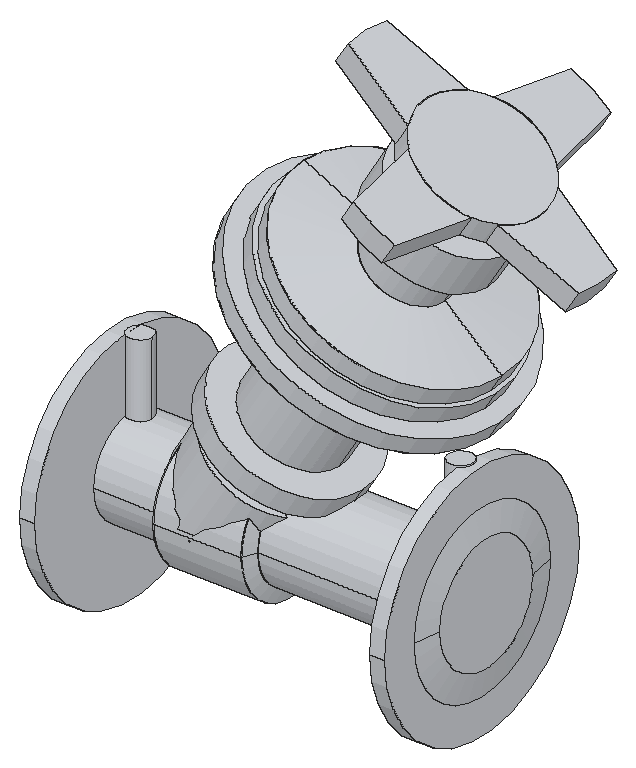
Revit family "224_DN080_40-160_RFA_2019", category Pipe Accessories, Revit 2019
Family settings
  Round Connector Dimension = Use Diameter
  Part Type = Valve - Breaks Into
  Work Plane-Based = No
  Always vertical = Yes
  Cut with Voids When Loaded = No
  Shared = No
Parameters (values of type "224_DN080_(40-160)")
  magiProductId = "20b45c03d3cb49e9a44f946d5e2c2d"
  magiProductFamilyId = "cb96b53648234cefb8c956722b95ac"
  magiPartTypeId = 304
  isMeasuringValve [instance] = no
  ang2D [instance] = 0.00°
  Z8 = 23.328 mm
  Z7 = 7.776 mm
  Z6 = 97.2 mm
  Z4 = 38.88 mm
  Z3 = 15.552 mm
  Z2 = 19.44 mm
  Z1 = 58.32 mm
  Y9 = 112.022 mm
  Y8 = 43.927 mm
  X9 = 19.752 mm
  X8 = 30.758 mm
  X5 = 140.96 mm
  X4 = 72.8 mm
  X1 = 12.4 mm
  W2D = 100 mm
  VersionID = "2.0/2018.4.11.4/ZETKAMA_224_001"
  Use Minimum Symbol Size [instance] = yes
  URL = "www.hydronic.cz"
  Type Comments = "přírubový ventil, PN16; -10~+120°C; dpmin=1,5xdpnast;"
  R8 = 53.625 mm
  R7 = 35.75 mm
  R6 = 96.688 mm
  R5 = 100 mm
  R4 = 113.75 mm
  R3 = 41.6 mm
  R2 = 70.5 mm
  R12 = 42.75 mm
  R10 = 48 mm
  QmdConnectorList = "301;D;302;D"
  Productdata [instance] = ""
  Manufacturer = "Hydronic Systems Prague s.r.o."
  Maintenance Zone Under Depth [instance] = 390 mm
  Maintenance Zone Right Depth [instance] = 310 mm
  Maintenance Zone Over Depth [instance] = 390 mm
  Maintenance Zone Left Depth [instance] = 310 mm
  Maintenance Zone Front Depth [instance] = 273 mm
  Maintenance Zone Back Depth [instance] = 273 mm
  Maintenance Zone Front Visibility [instance] = no
  MC Product Code = "224 080 7 (DN80; dpnast 40-160kPa; dpmax=300kPa; kvs=74,5kPa)"
  MC Piping Given Pressure Drop [instance] = 0.0 Pa
  LT2 = 155 mm
  L3 = 55.44 mm
  L2D_Min = 3048 mm
  L2D = 350 mm
  H5 = 60 mm
  FDT2 = 100 mm
  Description = "Regulátor diferenčního tlaku přírubový"
  DT21 = 40 mm
  DT2 = 40 mm
  D6 = 65 mm
  D5 = 52 mm
  D = 80 mm
  Clearance Zone Height Depth [instance] = 390 mm
  Clearance Zone Circular Radius [instance] = 310 mm
  Clearance Zone Visibility [instance] = no
  CAT0 = yes
  ARC2 = 1.728 mm
  ARC1 = 9.698 mm
  ANG = 32.00°
  A2 = 28.748 mm
  A1 = 46.007 mm
Types (10, lengths in mm): name | magiProductId | Z8 | Z7 | Z6 | Z4 | Z3 | Z2 | Z1 | X5 | X4 | X1 | R5 | R3 | R2 | R10 | Maintenance Zone Under Depth | Maintenance Zone Right Depth | Maintenance Zone Over Depth | Maintenance Zone Left Depth | MC Product Code | LT2 | L3 | H5 | FDT2 | DT21 | DT2 | D6 | D5 | D | Clearance Zone Height Depth | Clearance Zone Circular Radius | A2 | A1
  224_DN100_(40-160) | "71f9e553003c40d991c5e352e67284" | 24.389 | 8.13 | 101.622 | 40.649 | 16.26 | 20.324 | 60.973 | 152.2 | 91 | 14 | 110 | 52 | 80.5 | 58 | 405 | 350 | 405 | 350 | "224 100 7 (DN100; dpnast 40-160kPa; dpmax=250kPa; kvs=110,0kPa)" | 175 | 62.8 | 60 | 110 | 50 | 50 | 81.25 | 65 | 100 | 405 | 350 | 32.458 | 51.943
  224_DN100_(20-70) | "5e4de33176c64976a9c157b39996ce" | 24.389 | 8.13 | 101.622 | 40.649 | 16.26 | 20.324 | 60.973 | 152.2 | 91 | 14 | 110 | 52 | 80.5 | 58 | 405 | 350 | 405 | 350 | "224 100 3 (DN100; dpnast 20-70kPa; dpmax=250kPa; kvs=110,0kPa)" | 175 | 62.8 | 60 | 110 | 50 | 50 | 81.25 | 65 | 100 | 405 | 350 | 32.458 | 51.943
  224_DN125_(40-160) | "9beb69b667494b6ab1f54942078ae6" | 25.804 | 8.601 | 107.518 | 43.007 | 17.203 | 21.504 | 64.511 | 166.25 | 113.75 | 16 | 125 | 65 | 95.5 | 71 | 425 | 400 | 425 | 400 | "224 125 7 (DN125; dpnast 40-160kPa; dpmax=250kPa; kvs=169,0kPa)" | 200 | 72 | 62.5 | 125 | 62.5 | 62.5 | 101.562 | 81.25 | 125 | 425 | 400 | 37.094 | 59.363
  224_DN125_(20-70) | "2c85edc695ca465cb63b6911085491" | 25.804 | 8.601 | 107.518 | 43.007 | 17.203 | 21.504 | 64.511 | 166.25 | 113.75 | 16 | 125 | 65 | 95.5 | 71 | 425 | 400 | 425 | 400 | "224 125 3 (DN125; dpnast 20-70kPa; dpmax=250kPa; kvs=169,0kPa)" | 200 | 72 | 62.5 | 125 | 62.5 | 62.5 | 101.562 | 81.25 | 125 | 425 | 400 | 37.094 | 59.363
  224_DN150_(40-160) | "96017eba5eec4de2abe05c4d8dc7d1" | 26.866 | 8.955 | 89.552 | 44.776 | 17.91 | 22.388 | 89.552 | 223.38 | 115.5 | 19.2 | 142.5 | 70.2 | 108.5 | 84 | 440 | 480 | 440 | 480 | "224 150 7 (DN150; dpnast 40-160kPa; dpmax=250kPa; kvs=200,0kPa)" | 240 | 86.72 | 67.5 | 142.5 | 67.5 | 75 | 90.75 | 82.5 | 150 | 440 | 480 | 44.513 | 71.236
  224_DN150_(20-70) | "2dcf3707ec5549d494f72875a03dce" | 26.866 | 8.955 | 89.552 | 44.776 | 17.91 | 22.388 | 89.552 | 223.38 | 115.5 | 19.2 | 142.5 | 70.2 | 108.5 | 84 | 440 | 480 | 440 | 480 | "224 150 3 (DN150; dpnast 20-70kPa; dpmax=250kPa; kvs=200,0kPa)" | 240 | 86.72 | 67.5 | 142.5 | 67.5 | 75 | 90.75 | 82.5 | 150 | 440 | 480 | 44.513 | 71.236
  224_DN065_(40-160) | "7a3227ed888c4b0d8669ae9eb0085d" | 22.974 | 7.658 | 95.726 | 38.29 | 15.316 | 19.145 | 57.436 | 139.89 | 59.15 | 11.6 | 92.5 | 33.8 | 63 | 40.5 | 385 | 290 | 385 | 290 | "224 065 7 (DN65; dpnast 40-160kPa; dpmax=300kPa; kvs=48,4kPa)" | 145 | 51.76 | 60 | 92.5 | 32.5 | 32.5 | 52.812 | 42.25 | 65 | 385 | 290 | 26.893 | 43.038
  224_DN065_(20-70) | "bd269db4002540fe9b2a41f205afd7" | 22.974 | 7.658 | 95.726 | 38.29 | 15.316 | 19.145 | 57.436 | 139.89 | 59.15 | 11.6 | 92.5 | 33.8 | 63 | 40.5 | 385 | 290 | 385 | 290 | "224 065 3 (DN65; dpnast 20-70kPa; dpmax=300kPa; kvs=48,4kPa)" | 145 | 51.76 | 60 | 92.5 | 32.5 | 32.5 | 52.812 | 42.25 | 65 | 385 | 290 | 26.893 | 43.038
  224_DN080_(40-160) | "20b45c03d3cb49e9a44f946d5e2c2d" | 23.328 | 7.776 | 97.2 | 38.88 | 15.552 | 19.44 | 58.32 | 140.96 | 72.8 | 12.4 | 100 | 41.6 | 70.5 | 48 | 390 | 310 | 390 | 310 | "224 080 7 (DN80; dpnast 40-160kPa; dpmax=300kPa; kvs=74,5kPa)" | 155 | 55.44 | 60 | 100 | 40 | 40 | 65 | 52 | 80 | 390 | 310 | 28.748 | 46.007
  224_DN080_(20-70) | "2f63645f7c5342ecbadd0051fa47f2" | 23.328 | 7.776 | 97.2 | 38.88 | 15.552 | 19.44 | 58.32 | 140.96 | 72.8 | 12.4 | 100 | 41.6 | 70.5 | 48 | 390 | 310 | 390 | 310 | "224 080 3 (DN80; dpnast 20-70kPa; dpmax=300kPa; kvs=74,5kPa)" | 155 | 55.44 | 60 | 100 | 40 | 40 | 65 | 52 | 80 | 390 | 310 | 28.748 | 46.007
Reference planes
  plane 1 "Center (Front/Back)": y = 0
  plane 2 "XYPLANE": z = 0
  plane 3 "Center (Left/Right)": x = 0
  plane 4 "274": z = -390
  plane 5 "273": z = 390
  plane 6 "272": x = -310
  plane 7 "271": x = 310
  plane 8 "270": y = 273
  plane 9 "269": y = -273
  plane 10 "202": x = 133.6
  plane 11 "201": z = 40
  plane 12 "199": x = -131.6
  plane 13 "196": x = -2.36
  plane 14 "195": x = -6.36
  plane 15 "186": x = -79.16
  plane 16 "185": x = -83.16
  plane 17 "157": through (-527.65, 0, 570.893) normal (0.5299, 0, 0.848)
  plane 18 "123": y = -19.752
  plane 19 "122": y = -30.758
  plane 20 "120": y = 19.752
  plane 21 "119": y = 30.758
  plane 22 "118": through (263.424, 0, 719.778) normal (0.848, 0, -0.5299)
  plane 23 "117": through (395.676, 0, 637.138) normal (0.848, 0, -0.5299)
  plane 24 "116": through (453.424, 0, 601.053) normal (0.848, 0, -0.5299)
  plane 25 "115": through (321.171, 0, 683.694) normal (0.848, 0, -0.5299)
  plane 26 "113": y = -43.927
  plane 27 "112": y = -112.022
  plane 28 "110": through (384.508, 0, 644.117) normal (0.848, 0, -0.5299)
  plane 29 "108": through (341.673, 0, 670.883) normal (0.848, 0, -0.5299)
  plane 30 "107": through (332.339, 0, 676.715) normal (0.848, 0, -0.5299)
  plane 31 "106": through (375.175, 0, 649.949) normal (0.848, 0, -0.5299)
  plane 32 "105": y = 112.022
  plane 33 "104": y = 43.927
  plane 34 "99": through (-455.539, 0, 686.295) normal (0.5299, 0, 0.848)
  plane 35 "96": through (-465.841, 0, 669.809) normal (0.5299, 0, 0.848)
  plane 36 "91": through (-486.444, 0, 636.837) normal (0.5299, 0, 0.848)
  plane 37 "87": through (-507.047, 0, 603.865) normal (0.5299, 0, 0.848)
  plane 38 "84": through (-511.168, 0, 597.27) normal (0.5299, 0, 0.848)
  plane 39 "82": through (-519.409, 0, 584.082) normal (0.5299, 0, 0.848)
  plane 40 "75": through (-535.892, 0, 557.704) normal (0.5299, 0, 0.848)
  plane 41 "74": through (-548.254, 0, 537.92) normal (0.5299, 0, 0.848)
  plane 42 "41": through (-599.762, 0, 455.49) normal (0.5299, 0, 0.848)
  plane 43 "37": through (-610.064, 0, 439.004) normal (0.5299, 0, 0.848)
  plane 44 "34": through (-620.365, 0, 422.518) normal (0.5299, 0, 0.848)
  plane 45 "30": through (-651.27, 0, 373.06) normal (0.5299, 0, 0.848)
  plane 46 "28": y = 0
  plane 47 "27": through (358.424, 0, 660.416) normal (0.848, 0, -0.5299)
  plane 48 "24": x = 151
  plane 49 "23": x = 138.6
  plane 50 "15": x = -138.6
  plane 51 "11": x = -151
  plane 52 "6": x = 155
  plane 53 "5": x = -155
  plane 54 "3": z = 0
  plane 55 "2": y = 0
  plane 56 "1": x = 0
  plane 57 "25XY": through (-636.036, 0, 397.439) normal (0.5299, 0, 0.848)
  plane 58 "25XZ": y = 0
  plane 59 "25YZ": through (397.439, 0, 636.036) normal (0.848, 0, -0.5299)
Forms (mm)
  Blend 1, solid, visible <- "CAT0"
    base sketch origin (-548.254, 0, 537.92) x (0.848048, 0, -0.529919) y (0, 1, 0)
      loop
        circle (703.993, 0) r 42.75
    top sketch origin (-548.254, 0, 537.92) x (0.848048, 0, -0.529919) y (0, 1, 0)
      loop
        circle (703.993, 0) r 113.75
    from 0 to 23.328
  Blend 2, solid, visible <- "Maintenance Zone Front Visibility"
    base sketch origin (-750, 0, 390) x (1, 0, 0) y (0, 1, 0)
      loop
        line (440, 273) -> (440, -273) -> (1060, -273) -> (1060, 273) -> (440, 273)
    top sketch origin (-750, 0, 390) x (1, 0, 0) y (0, 1, 0)
      loop
        line (440, 273) -> (440, -273) -> (1060, -273) -> (1060, 273) -> (440, 273)
    from 0 to -780
  Extrusion 3, solid, visible <- "Clearance Zone Visibility"
    sketch origin (-750, 0, 0) x (1, 0, 0) y (0, 1, 0)
      loop
        circle (750, 0) r 310
    from 0 to 390 <- "Clearance Zone Height Depth"
  Extrusion 4, solid, visible <- "CAT0"
    sketch origin (-599.762, 0, 455.49) x (0.848048, 0, -0.529919) y (0, 1, 0)
      loop
        circle (703.993, 0) r 42.75
    from 0 to 97.2 <- "Z6"
  Extrusion 5, solid
    sketch origin (-750, 0, 40) x (1, 0, 0) y (0, 1, 0)
      loop
        circle (883.6, 0) r 10
    from 0 to 60 <- "H5"
  Extrusion 6, solid
    sketch origin (-750, 0, 40) x (1, 0, 0) y (0, 1, 0)
      loop
        circle (618.4, 0) r 10
    from 0 to 60 <- "H5"
  Extrusion 7, solid
    sketch origin (-2.36, -750, 0) x (0, 1, 0) y (0, 0, 1)
      loop
        circle (750, 0) r 40
    from 0 to 140.96 <- "X5"
  Blend 8, solid
    base sketch origin (-2.36, -750, 0) x (0, 1, 0) y (0, 0, 1)
      loop
        circle (750, 0) r 40
    top sketch origin (-2.36, -750, 0) x (0, 1, 0) y (0, 0, 1)
      loop
        circle (750, 0) r 52
    from 0 to -4
  Extrusion 9, solid
    sketch origin (-79.16, -750, 0) x (0, 1, 0) y (0, 0, 1)
      loop
        circle (750, 0) r 52
    from 0 to 72.8 <- "X4"
  Blend 10, solid
    base sketch origin (-83.16, -750, 0) x (0, 1, 0) y (0, 0, 1)
      loop
        circle (750, 0) r 40
    top sketch origin (-83.16, -750, 0) x (0, 1, 0) y (0, 0, 1)
      loop
        circle (750, 0) r 52
    from 0 to 4
  Extrusion 11, solid
    sketch origin (-651.27, 0, 373.06) x (0.848048, 0, -0.529919) y (0, 1, 0)
      loop
        circle (703.993, 0) r 52
    from 0 to 58.32 <- "Z1"
  Extrusion 12, solid
    sketch origin (-535.892, 0, 557.704) x (0.848048, 0, -0.529919) y (0, 1, 0)
      loop
        circle (703.993, 0) r 113.75
    from 0 to 15.552 <- "Z3"
  Extrusion 13, solid
    sketch origin (-455.539, 0, 686.295) x (0.848048, 0, -0.529919) y (0, 1, 0)
      loop
        line (747.92, -30.758) -> (816.015, -19.752)
        arc (816.015, -19.752) -> (817.743, 0) -> (816.015, 19.752) r 113.75
        line (816.015, 19.752) -> (747.92, 30.758)
        arc (747.92, 30.758) -> (757.618, 0) -> (747.92, -30.758) r 53.625
    from 0 to 19.44 <- "Z2"
  Extrusion 14, solid
    sketch origin (-455.539, 0, 686.295) x (0.848048, 0, -0.529919) y (0, 1, 0)
      loop
        line (660.066, 30.758) -> (591.972, 19.752)
        arc (591.972, 19.752) -> (590.243, 0) -> (591.972, -19.752) r 113.75
        line (591.972, -19.752) -> (660.066, -30.758)
        arc (660.066, -30.758) -> (650.368, 0) -> (660.066, 30.758) r 53.625
    from 0 to 19.44 <- "Z2"
  Extrusion 15, solid
    sketch origin (-455.539, 0, 686.295) x (0.848048, 0, -0.529919) y (0, 1, 0)
      loop
        line (673.235, -43.927) -> (684.241, -112.022)
        arc (684.241, -112.022) -> (703.993, -113.75) -> (723.746, -112.022) r 113.75
        line (723.746, -112.022) -> (734.751, -43.927)
        arc (734.751, -43.927) -> (703.993, -53.625) -> (673.235, -43.927) r 53.625
    from 0 to 19.44 <- "Z2"
  Extrusion 16, solid
    sketch origin (-455.539, 0, 686.295) x (0.848048, 0, -0.529919) y (0, 1, 0)
      loop
        line (734.751, 43.927) -> (723.746, 112.022)
        arc (723.746, 112.022) -> (703.993, 113.75) -> (684.241, 112.022) r 113.75
        line (684.241, 112.022) -> (673.235, 43.927)
        arc (673.235, 43.927) -> (703.993, 53.625) -> (734.751, 43.927) r 53.625
    from 0 to 19.44 <- "Z2"
  Extrusion 17, solid
    sketch origin (-455.539, 0, 686.295) x (0.848048, 0, -0.529919) y (0, 1, 0)
      loop
        circle (703.993, 0) r 53.625
    from 0 to 19.44 <- "Z2"
  Extrusion 18, solid
    sketch origin (-465.841, 0, 669.809) x (0.848048, 0, -0.529919) y (0, 1, 0)
      loop
        circle (703.993, 0) r 35.75
    from 0 to 19.44 <- "Z2"
  Extrusion 19, solid
    sketch origin (-486.444, 0, 636.837) x (0.848048, 0, -0.529919) y (0, 1, 0)
      loop
        circle (703.993, 0) r 53.625
    from 0 to 38.88 <- "Z4"
  Extrusion 20, solid
    sketch origin (-507.047, 0, 603.865) x (0.848048, 0, -0.529919) y (0, 1, 0)
      loop
        circle (703.993, 0) r 35.75
    from 0 to 38.88 <- "Z4"
  Blend 21, solid
    base sketch origin (-511.168, 0, 597.27) x (0.848048, 0, -0.529919) y (0, 1, 0)
      loop
        circle (703.993, 0) r 96.688
    top sketch origin (-511.168, 0, 597.27) x (0.848048, 0, -0.529919) y (0, 1, 0)
      loop
        circle (703.993, 0) r 35.75
    from 0 to 7.776
  Extrusion 22, solid
    sketch origin (-519.409, 0, 584.082) x (0.848048, 0, -0.529919) y (0, 1, 0)
      loop
        circle (703.993, 0) r 96.688
    from 0 to 15.552 <- "Z3"
  Extrusion 23, solid
    sketch origin (-527.65, 0, 570.893) x (0.848048, 0, -0.529919) y (0, 1, 0)
      loop
        circle (703.993, 0) r 100
    from 0 to 15.552 <- "Z3"
  Extrusion 24, solid
    sketch origin (-610.064, 0, 439.004) x (0.848048, 0, -0.529919) y (0, 1, 0)
      loop
        circle (703.993, 0) r 65
    from 0 to 19.44 <- "Z2"
  Extrusion 25, solid
    sketch origin (-620.365, 0, 422.518) x (0.848048, 0, -0.529919) y (0, 1, 0)
      loop
        circle (703.993, 0) r 41.6
    from 0 to 19.44 <- "Z2"
  Blend 26, solid
    base sketch origin (151, -750, 0) x (0, 1, 0) y (0, 0, 1)
      loop
        circle (750, 0) r 70.5
    top sketch origin (151, -750, 0) x (0, 1, 0) y (0, 0, 1)
      loop
        circle (750, 0) r 48
    from 0 to 4
  Extrusion 27, solid
    sketch origin (138.6, -750, 0) x (0, 1, 0) y (0, 0, 1)
      loop
        circle (750, 0) r 100
    from 0 to 12.4 <- "X1"
  Extrusion 28, solid
    sketch origin (-138.6, -750, 0) x (0, 1, 0) y (0, 0, 1)
      loop
        circle (750, 0) r 40
    from 0 to 55.44 <- "L3"
  Extrusion 29, solid
    sketch origin (-151, -750, 0) x (0, 1, 0) y (0, 0, 1)
      loop
        circle (750, 0) r 100
    from 0 to 12.4 <- "X1"
  Blend 30, solid
    base sketch origin (-155, -750, 0) x (0, 1, 0) y (0, 0, 1)
      loop
        circle (750, 0) r 48
    top sketch origin (-155, -750, 0) x (0, 1, 0) y (0, 0, 1)
      loop
        circle (750, 0) r 70.5
    from 0 to 4
  Extrusion 31, solid, not visible
    sketch origin (155, -750, 0) x (0, 1, 0) y (0, 0, 1)
      loop
        circle (750, 0) r 10
    from 0 to -10
  Extrusion 32, solid, not visible
    sketch origin (-155, -750, 0) x (0, 1, 0) y (0, 0, 1)
      loop
        circle (750, 0) r 10
    from 0 to 10
Lines and regions (mm)
  reference lines, not visible
    curve 1: circle (-5.16, 2, 0) r 1 normal (0, 0, 1)
  reference lines
    curve 2: line (178.734, -30.758, 289.958) -> (178.734, 30.758, 289.958)
    curve 3: line (236.481, 19.752, 253.873) -> (236.481, -19.752, 253.873)
    curve 4: line (104.229, 30.758, 336.513) -> (104.229, -30.758, 336.513)
    curve 5: line (46.481, -19.752, 372.598) -> (46.481, 19.752, 372.598)
    curve 6: line (115.397, -43.927, 329.535) -> (167.566, -43.927, 296.936)
    curve 7: line (158.232, -112.022, 302.768) -> (124.73, -112.022, 323.703)
    curve 8: line (167.566, 43.927, 296.936) -> (115.397, 43.927, 329.535)
    curve 9: line (124.73, 112.022, 323.703) -> (158.232, 112.022, 302.768)
Dimensions and locks
  plane 1 "Center (Front/Back)" to curve 1 = 2 mm
  "Maintenance Zone Under Depth": plane 2 "XYPLANE" to plane 4 "274"
  "Maintenance Zone Over Depth": plane 2 "XYPLANE" to plane 5 "273"
  "Maintenance Zone Left Depth": plane 3 "Center (Left/Right)" to plane 6 "272"
  "Maintenance Zone Right Depth": plane 3 "Center (Left/Right)" to plane 7 "271"
  "Maintenance Zone Back Depth": plane 1 "Center (Front/Back)" to plane 8 "270"
  "Maintenance Zone Front Depth": plane 1 "Center (Front/Back)" to plane 9 "269"
  locked: plane 49 "23" to plane 10 "202" at 5
  "DT2": plane 2 "XYPLANE" to plane 11 "201"
  locked: plane 50 "15" to plane 12 "199" at 7
  locked: plane 14 "195" to plane 13 "196" at 4
  "X4": plane 15 "186" to plane 14 "195"
  locked: plane 16 "185" to plane 15 "186" at 4
  "L3": plane 50 "15" to plane 16 "185"
  "Z3": plane 40 "75" to plane 17 "157"
  "X9": plane 55 "2" to plane 18 "123"
  "X8": plane 55 "2" to plane 19 "122"
  "X9": plane 55 "2" to plane 20 "120"
  "X8": plane 55 "2" to plane 21 "119"
  "Y9": plane 47 "27" to plane 22 "118"
  "Y8": plane 47 "27" to plane 23 "117"
  "Y9": plane 47 "27" to plane 24 "116"
  "Y8": plane 47 "27" to plane 25 "115"
  "Y8": plane 55 "2" to plane 26 "113"
  "Y9": plane 55 "2" to plane 27 "112"
  "X8": plane 47 "27" to plane 28 "110"
  "X9": plane 47 "27" to plane 29 "108"
  "X8": plane 47 "27" to plane 30 "107"
  "X9": plane 47 "27" to plane 31 "106"
  "Y9": plane 55 "2" to plane 32 "105"
  "Y8": plane 55 "2" to plane 33 "104"
  "Z2": plane 35 "96" to plane 34 "99"
  "Z4": plane 36 "91" to plane 35 "96"
  "Z4": plane 37 "87" to plane 36 "91"
  "Z7": plane 38 "84" to plane 37 "87"
  "Z3": plane 39 "82" to plane 38 "84"
  "Z3": plane 17 "157" to plane 39 "82"
  "Z8": plane 41 "74" to plane 40 "75"
  "Z6": plane 42 "41" to plane 41 "74"
  "Z2": plane 43 "37" to plane 42 "41"
  "Z2": plane 44 "34" to plane 43 "37"
  "Z1": plane 45 "30" to plane 44 "34"
  "A2": plane 57 "25XY" to plane 45 "30"
  locked: plane 55 "2" to plane 46 "28"
  "A1": plane 59 "25YZ" to plane 47 "27"
  "X1": plane 49 "23" to plane 48 "24"
  "X5": plane 13 "196" to plane 49 "23"
  "X1": plane 51 "11" to plane 50 "15"
  locked: plane 53 "5" to plane 51 "11" at 4
  "LT2": plane 3 "Center (Left/Right)" to plane 52 "6"
  "LT2": plane 3 "Center (Left/Right)" to plane 53 "5"
  locked: plane 2 "XYPLANE" to plane 54 "3"
  locked: plane 1 "Center (Front/Back)" to plane 55 "2"
  locked: plane 3 "Center (Left/Right)" to plane 56 "1"
  Blend 2 sketch curve to Blend 2 sketch curve = 0 mm  (x16)
  "ARC1": curve 2 to Extrusion 13 sketch curve
  "ARC2": curve 3 to Extrusion 13 sketch curve
  Extrusion 13 sketch curve to Extrusion 13 sketch curve = 0 mm  (x8)
  "ARC1": curve 4 to Extrusion 14 sketch curve
  "ARC2": curve 5 to Extrusion 14 sketch curve
  Extrusion 14 sketch curve to Extrusion 14 sketch curve = 0 mm  (x8)
  "ARC1": curve 6 to Extrusion 15 sketch curve
  "ARC2": curve 7 to Extrusion 15 sketch curve
  Extrusion 15 sketch curve to Extrusion 15 sketch curve = 0 mm  (x8)
  "ARC1": curve 8 to Extrusion 16 sketch curve
  "ARC2": curve 9 to Extrusion 16 sketch curve
  Extrusion 16 sketch curve to Extrusion 16 sketch curve = 0 mm  (x8)
  "R4": radius of Blend 1 sketch curve
  "R12": radius of Blend 1 sketch curve
  "Clearance Zone Circular Radius": radius of Extrusion 3 sketch curve
  "R12": radius of Extrusion 4 sketch curve
  "DT21": radius of Extrusion 7 sketch curve
  "D5": radius of Blend 8 sketch curve
  "DT21": radius of Blend 8 sketch curve
  "D5": radius of Extrusion 9 sketch curve
  "D5": radius of Blend 10 sketch curve
  "DT21": radius of Blend 10 sketch curve
  "D5": radius of Extrusion 11 sketch curve
  "R4": radius of Extrusion 12 sketch curve
  "R8": radius of Extrusion 17 sketch curve
  "R7": radius of Extrusion 18 sketch curve
  "R8": radius of Extrusion 19 sketch curve
  "R7": radius of Extrusion 20 sketch curve
  "R7": radius of Blend 21 sketch curve
  "R6": radius of Blend 21 sketch curve
  "R6": radius of Extrusion 22 sketch curve
  "R5": radius of Extrusion 23 sketch curve
  "D6": radius of Extrusion 24 sketch curve
  "R3": radius of Extrusion 25 sketch curve
  "R10": radius of Blend 26 sketch curve
  "R2": radius of Blend 26 sketch curve
  "FDT2": radius of Extrusion 27 sketch curve
  "DT21": radius of Extrusion 28 sketch curve
  "FDT2": radius of Extrusion 29 sketch curve
  "R2": radius of Blend 30 sketch curve
  "R10": radius of Blend 30 sketch curve
  aligned and locked: level to plane 2 "XYPLANE"
  aligned and locked: plane 46 "28" to Blend 1 sketch curve  (x2)
  aligned and locked: Blend 1 sketch curve to plane 47 "27"  (x2)
  aligned and locked: plane 40 "75" to Blend 1
  aligned and locked: Blend 2 sketch curve to plane 6 "272"  (x2)
  aligned and locked: plane 8 "270" to Blend 2 sketch curve  (x4)
  aligned and locked: plane 9 "269" to Blend 2 sketch curve  (x4)
  aligned and locked: plane 6 "272" to Blend 2 sketch curve  (x2)
  aligned and locked: plane 7 "271" to Blend 2 sketch curve  (x4)
  aligned and locked: Blend 2 to plane 4 "274"
  aligned and locked: plane 55 "2" to Extrusion 3 sketch curve
  aligned and locked: plane 56 "1" to Extrusion 3 sketch curve
  aligned and locked: plane 46 "28" to Extrusion 4 sketch curve
  aligned and locked: Extrusion 4 sketch curve to plane 47 "27"
  aligned and locked: plane 10 "202" to Extrusion 5 sketch curve
  aligned and locked: plane 55 "2" to Extrusion 5 sketch curve
  aligned and locked: plane 12 "199" to Extrusion 6 sketch curve
  aligned and locked: plane 55 "2" to Extrusion 6 sketch curve
  aligned and locked: plane 54 "3" to Extrusion 7 sketch curve
  aligned and locked: Extrusion 7 sketch curve to plane 55 "2"
  aligned and locked: plane 54 "3" to Blend 8 sketch curve  (x2)
  aligned and locked: Blend 8 sketch curve to plane 55 "2"  (x2)
  aligned and locked: Blend 8 to plane 14 "195"
  aligned and locked: plane 54 "3" to Extrusion 9 sketch curve
  aligned and locked: Extrusion 9 sketch curve to plane 55 "2"
  aligned and locked: plane 54 "3" to Blend 10 sketch curve  (x2)
  aligned and locked: Blend 10 sketch curve to plane 55 "2"  (x2)
  aligned and locked: plane 15 "186" to Blend 10
  aligned and locked: plane 46 "28" to Extrusion 11 sketch curve
  aligned and locked: Extrusion 11 sketch curve to plane 47 "27"
  aligned and locked: plane 46 "28" to Extrusion 12 sketch curve
  aligned and locked: Extrusion 12 sketch curve to plane 47 "27"
  aligned and locked: curve 2 to plane 23 "117"
  aligned and locked: plane 19 "122" to curve 2
  aligned and locked: plane 21 "119" to curve 2
  aligned and locked: plane 21 "119" to Extrusion 13 sketch curve
  aligned and locked: plane 23 "117" to Extrusion 13 sketch curve
  aligned and locked: plane 20 "120" to Extrusion 13 sketch curve
  aligned and locked: plane 24 "116" to Extrusion 13 sketch curve
  aligned and locked: curve 3 to plane 24 "116"
  aligned and locked: plane 20 "120" to curve 3
  aligned and locked: plane 18 "123" to curve 3
  aligned and locked: plane 18 "123" to Extrusion 13 sketch curve
  aligned and locked: Extrusion 13 sketch curve to plane 24 "116"
  aligned and locked: plane 19 "122" to Extrusion 13 sketch curve
  aligned and locked: Extrusion 13 sketch curve to plane 23 "117"
  aligned and locked: curve 4 to plane 25 "115"
  aligned and locked: plane 21 "119" to curve 4
  aligned and locked: plane 19 "122" to curve 4
  aligned and locked: plane 19 "122" to Extrusion 14 sketch curve
  aligned and locked: Extrusion 14 sketch curve to plane 25 "115"
  aligned and locked: plane 18 "123" to Extrusion 14 sketch curve
  aligned and locked: Extrusion 14 sketch curve to plane 22 "118"
  aligned and locked: curve 5 to plane 22 "118"
  aligned and locked: plane 18 "123" to curve 5
  aligned and locked: plane 20 "120" to curve 5
  aligned and locked: plane 20 "120" to Extrusion 14 sketch curve
  aligned and locked: plane 22 "118" to Extrusion 14 sketch curve
  aligned and locked: plane 21 "119" to Extrusion 14 sketch curve
  aligned and locked: plane 25 "115" to Extrusion 14 sketch curve
  aligned and locked: curve 6 to plane 26 "113"
  aligned and locked: curve 6 to plane 30 "107"
  aligned and locked: curve 6 to plane 28 "110"
  aligned and locked: plane 26 "113" to Extrusion 15 sketch curve  (x2)
  aligned and locked: Extrusion 15 sketch curve to plane 28 "110"
  aligned and locked: plane 27 "112" to Extrusion 15 sketch curve  (x2)
  aligned and locked: Extrusion 15 sketch curve to plane 31 "106"
  aligned and locked: plane 27 "112" to curve 7
  aligned and locked: curve 7 to plane 31 "106"
  aligned and locked: curve 7 to plane 29 "108"
  aligned and locked: Extrusion 15 sketch curve to plane 29 "108"
  aligned and locked: Extrusion 15 sketch curve to plane 30 "107"
  aligned and locked: plane 33 "104" to curve 8
  aligned and locked: plane 28 "110" to curve 8
  aligned and locked: plane 30 "107" to curve 8
  aligned and locked: plane 30 "107" to Extrusion 16 sketch curve
  aligned and locked: plane 33 "104" to Extrusion 16 sketch curve  (x2)
  aligned and locked: plane 29 "108" to Extrusion 16 sketch curve
  aligned and locked: plane 32 "105" to Extrusion 16 sketch curve  (x2)
  aligned and locked: curve 9 to plane 32 "105"
  aligned and locked: plane 29 "108" to curve 9
  aligned and locked: plane 31 "106" to curve 9
  aligned and locked: plane 31 "106" to Extrusion 16 sketch curve
  aligned and locked: plane 28 "110" to Extrusion 16 sketch curve
  aligned and locked: plane 46 "28" to Extrusion 17 sketch curve
  aligned and locked: Extrusion 17 sketch curve to plane 47 "27"
  aligned and locked: plane 46 "28" to Extrusion 18 sketch curve
  aligned and locked: Extrusion 18 sketch curve to plane 47 "27"
  aligned and locked: plane 46 "28" to Extrusion 19 sketch curve
  aligned and locked: Extrusion 19 sketch curve to plane 47 "27"
  aligned and locked: plane 46 "28" to Extrusion 20 sketch curve
  aligned and locked: Extrusion 20 sketch curve to plane 47 "27"
  aligned and locked: plane 46 "28" to Blend 21 sketch curve  (x2)
  aligned and locked: Blend 21 sketch curve to plane 47 "27"  (x2)
  aligned and locked: plane 37 "87" to Blend 21
  aligned and locked: plane 46 "28" to Extrusion 22 sketch curve
  aligned and locked: Extrusion 22 sketch curve to plane 47 "27"
  aligned and locked: plane 46 "28" to Extrusion 23 sketch curve
  aligned and locked: Extrusion 23 sketch curve to plane 47 "27"
  aligned and locked: plane 46 "28" to Extrusion 24 sketch curve
  aligned and locked: Extrusion 24 sketch curve to plane 47 "27"
  aligned and locked: plane 46 "28" to Extrusion 25 sketch curve
  aligned and locked: Extrusion 25 sketch curve to plane 47 "27"
  aligned and locked: plane 54 "3" to Blend 26 sketch curve  (x2)
  aligned and locked: Blend 26 sketch curve to plane 55 "2"  (x2)
  aligned and locked: plane 52 "6" to Blend 26
  aligned and locked: plane 54 "3" to Extrusion 27 sketch curve
  aligned and locked: Extrusion 27 sketch curve to plane 55 "2"
  aligned and locked: plane 54 "3" to Extrusion 28 sketch curve
  aligned and locked: Extrusion 28 sketch curve to plane 55 "2"
  aligned and locked: plane 54 "3" to Extrusion 29 sketch curve
  aligned and locked: Extrusion 29 sketch curve to plane 55 "2"
  aligned and locked: plane 54 "3" to Blend 30 sketch curve  (x2)
  aligned and locked: Blend 30 sketch curve to plane 55 "2"  (x2)
  aligned and locked: plane 51 "11" to Blend 30
  aligned and locked: plane 54 "3" to Extrusion 31 sketch curve
  aligned and locked: Extrusion 31 sketch curve to plane 55 "2"
  aligned and locked: plane 54 "3" to Extrusion 32 sketch curve
  aligned and locked: Extrusion 32 sketch curve to plane 55 "2"
Automatic sketch dimensions
  Extrusion 5 sketch curve to Extrusion 5 sketch curve = 10 mm
  Extrusion 6 sketch curve to plane 50 "15" = 3 mm
  plane 18 "123" to Extrusion 31 sketch curve = 9.752 mm
  plane 18 "123" to Extrusion 32 sketch curve = 9.752 mm
  plane 14 "195" to curve 1 = 1.2 mm
  radius of curve 1 = 1 mm
Connectors
  piping at (-155, 0, 0), diameter 80, driven by "D"
    settings: on Extrusion 32, index 1, connector inside diameter 609.6 mm, connector length 0 mm, flow factor 0, pipe flow 0.0 L/s, pressure drop 0.0 Pa, fitting loss kfactor 0, connector angle 0.00°, fixture units 0, engagement length 0 mm, angle of deflection 0.00°, flow configuration 0, flow direction 0, fitting loss method 0, system type 29, joint type 0, gender type 0, connector reference index 2, connector utility 0, adjustable connector no, is connector primary yes, connector description ""
  piping at (155, 0, 0), diameter 80, driven by "D"
    settings: on Extrusion 31, index 2, connector inside diameter 609.6 mm, connector length 0 mm, flow factor 0, pipe flow 0.0 L/s, pressure drop 0.0 Pa, fitting loss kfactor 0, connector angle 0.00°, fixture units 0, engagement length 0 mm, angle of deflection 0.00°, flow configuration 0, flow direction 0, fitting loss method 0, system type 29, joint type 0, gender type 0, connector reference index 1, connector utility 0, adjustable connector no, is connector primary no, connector description ""
